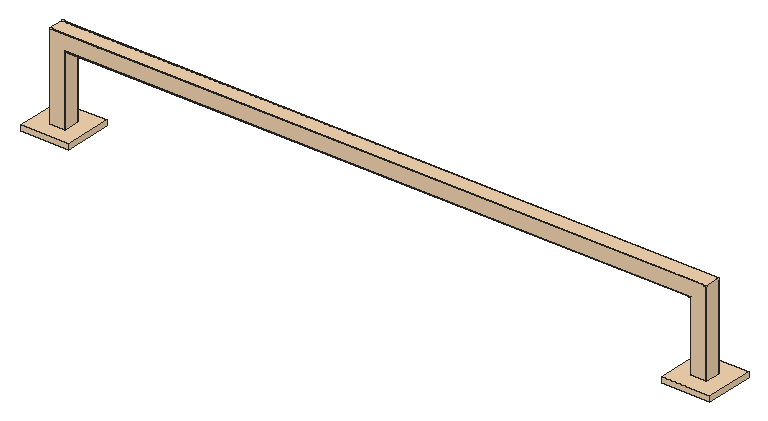
Revit family "Accessory-Towel_Bar-KALLISTA-Italy-P32743", category Specialty Equipment, host Face, Revit 2021
Family settings
  Host = Face
  Round Connector Dimension = Use Diameter
  Part Type = Normal
  OmniClass Number = 23.31.25.25
  OmniClass Title = Towel Bars
  Cut with Voids When Loaded = No
  Shared = No
  Room Calculation Point = No
Parameters (values of type "2MB-Brushed Brass")
  Width = 3.34646"  # constant formula
  WaterSense Certified = 1 = 0  # no
  URL = "https://www.kallista.com/"
  Type = 1
  Product Page URL = ""
  Product Name = "Italy"  # constant formula
  Product Documentation Link = ""
  Model = if(Type = 1, "P32743-2MB", if(Type = 2, "P32743-BGP", if(Type = 3, "P32743-BN", if(Type = 4, "P32743-CP", if(Type = 5, "P32743-PGP", if(Type = 6, "P32743-BLH", "NA"))))))  # "P32743-2MB"
  Material = "Premium Metal Construction"  # constant formula
  Master Format 2014 Name = "Toilet, Bath, and Laundry Accessories"  # constant formula
  Master Format 2014 = "10 28 00"  # constant formula
  Manufacturer Address = "444 Highland Dr, Kohler, WI 53044"  # constant formula
  Manufacturer = "kallista Co."  # constant formula
  Length = 25.3937"  # constant formula
  Height = 1.77197"  # constant formula
  Finish = Kallista-Metal-2MB- Brushed_Brass
  Environmental Product Declaration = ""
  Description = "24 Inch Towel Bar"  # constant formula
  Default Elevation = 42"
  Declare Label = ""
  Date Modified = "10/12/2024"  # constant formula
  Date Created = "10/12/2024"  # constant formula
  Copyright = "Copyright kallista Co."  # constant formula
  Contact Us = "https://www.kallista.com/corporate/contact-us/"
  Assembly Code = "C1030200"
  ADA Compliant = 1 = 0  # no
Types (7): name | Type | Model | Finish
  (no name) | 1 | "P32743-2MB" | Kallista-Metal-2MB- Brushed_Brass
  2MB-Brushed Brass | 1 | "P32743-2MB" | Kallista-Metal-2MB- Brushed_Brass
  BGP-Brushed Graphite | 2 | "P32743-BGP" | Kallista-Metal-BGP-Brushed_Graphite
  BN-Brushed Nickel | 3 | "P32743-BN" | Kallista-Metal-BN-Brushed_Nickel
  CP-Chrome | 4 | "P32743-CP" | Kallista-Metal-CP-Chrome
  PGP-Polished Graphite | 5 | "P32743-PGP" | Kallista-Metal-PGP-Polished_Graphite
  BLH-Blush Brass | 6 | "P32743-BLH" | Kallista-Metal-BLH-Blush_Brass
Reference planes (in)
  plane 1 "Center (Front/Back)": y = 0
  plane 2: z = 0
  plane 3 "Center (Left/Right)": x = 0
  plane 4: x = -12.652213
  plane 5: x = 12.7414878
  plane 6: x = -10.8805594
  plane 7: y = 0.8858268
  plane 8: x = -12.652213
  plane 9: x = 12.7414878
  plane 10: y = -0.8861417
  plane 11: z = 3.3464567
  plane 12: z = 2.7571242
  plane 13: x = 10.9698343
  plane 14: x = -11.4761387
  plane 15: x = -12.0654596
  plane 16: x = 12.1471389
  plane 17: x = 11.557818
  plane 18: z = 0.1968522
  plane 19: y = 0.2952733
  plane 20: y = -0.2952779
  plane 21: x = -11.7707991
  plane 22: x = 11.8524784
Dimensions and locks (in)
  "Length": plane 8 to plane 9
  "Width": plane 11 to level
  plane 15 to plane 14 = 0.58932"
  plane 13 to plane 9 = 1.77165"
  plane 12 to level = 2.75712"
  plane 21 to plane 22 = 23.62328"  (x2)
  "Height": plane 7 to plane 10
  plane 18 to level = 0.19685"
  plane 15 to plane 16 = 24.2126"
  plane 12 to plane 18 = 2.56027"
  plane 8 to plane 6 = 1.77165"
  plane 7 to plane 10 = 1.77197"  (x2)
  aligned and locked: plane 2 to host face
  aligned and locked: level to host face
  aligned and locked: nested 1 to plane 1 "Center (Front/Back)"
  aligned and locked: plane 3 "Center (Left/Right)" to nested 1
Automatic sketch dimensions
  host sketch curve to host sketch curve = 96"  (x2)
Nested families (in)
  nested 1: "P32743" at (0, -0.8861394, 0), type "P32743"
Definition of nested family "P32743"
  Parameters
    Material = none
    Default Elevation = 0"
  Reference planes (in)
    plane 1 "Center (Front/Back)": y = 0
    plane 2: z = 0
    plane 3 "Center (Left/Right)": x = 0
    plane 4: x = -12.652213
    plane 5: x = 12.7414878
    plane 6: x = -10.8805594
    plane 7: x = 10.9698343
    plane 8: z = 3.3464567
    plane 9: z = 2.7571242
    plane 10: y = 1.181415
    plane 11: y = 0.5908638
    plane 12: y = 1.181415
    plane 13: y = 0.5908638
    plane 14: y = 1.7719662
    plane 15: x = -12.0654596
    plane 16: x = 12.1471389
    plane 17: x = 12.1471389
    plane 18: x = -11.4761387
    plane 19: x = 11.557818
    plane 20: z = 0.1968388
    plane 21: y = 0.8861394
  Forms (in)
    Sweep 1, solid, material <- "Material", detail levels medium+fine
      path origin (0, 0, 0) x (1, 0, 0) y (0, 0, 1)
        loop
          line (-12.0654596, 0.1968388) -> (-12.0654596, 3.3464451) -> (12.1471389, 3.3464451) -> (12.1471389, 0.1968388)
      profile origin (-12.0654596, 0, 1.771642) x (-1, 0, 0) y (0, -1, 0)
        loop
          line (0, -1.1617299) -> (0, -0.6105488)
          arc (0, -0.6105488) -> (-0.0057656, -0.5966294) -> (-0.019685, -0.5908638) r 0.019685
          line (-0.019685, -0.5908638) -> (-0.5696358, -0.5908638)
          arc (-0.5696358, -0.5908638) -> (-0.5835553, -0.5966294) -> (-0.5893209, -0.6105488) r 0.019685
          line (-0.5893209, -0.6105488) -> (-0.5893209, -1.1617299)
          arc (-0.5893209, -1.1617299) -> (-0.5835553, -1.1756494) -> (-0.5696358, -1.181415) r 0.019685
          line (-0.5696358, -1.181415) -> (-0.019685, -1.181415)
          arc (-0.019685, -1.181415) -> (-0.0057656, -1.1756494) -> (0, -1.1617299) r 0.019685
    Extrusion 2, solid, material <- "Material"
      sketch origin (0, -8.1569882, 0) x (1, 0, 0) y (0, 1, 0)
        loop
          line (10.9698343, 8.1573008) -> (12.7414878, 8.1573008) -> (12.7414878, 9.9289544) -> (10.9698343, 9.9289544) -> (10.9698343, 8.1573008)
        loop
          line (-10.8805594, 9.9289544) -> (-12.652213, 9.9289544) -> (-12.652213, 8.1573008) -> (-10.8805594, 8.1573008) -> (-10.8805594, 9.9289544)
      from 0 to 0.1968388
    Sweep 3, solid, material <- "Material", detail levels coarse
      path origin (0, 0, 0) x (1, 0, 0) y (0, 0, 1)
        loop
          line (-12.0654596, 0.1968388) -> (-12.0654596, 3.3464451) -> (12.1471389, 3.3464451) -> (12.1471389, 0.1968388)
      profile origin (-12.0654596, 0, 1.771642) x (-1, 0, 0) y (0, -1, 0)
        loop
          line (0, -1.181415) -> (0, -0.5908638) -> (-0.5893209, -0.5908638) -> (-0.5893209, -1.181415) -> (0, -1.181415)
  Lines and regions (in)
    Masking region 1
      outline origin (0, 0, 0.0012187) x (1, 0, 0) y (0, 0, 1)
        loop
          line (12.1471389, 0.1956201) -> (12.1471389, 3.345238) -> (-12.0654596, 3.345238) -> (-12.0654596, 0.1956201) -> (-12.6522097, 0.1956201) -> (-12.6522097, -0.0012187) -> (-10.8805594, -0.0012187) -> (-10.8805594, 0.1956201) -> (-11.4761387, 0.1956201) -> (-11.4761387, 2.7559055) -> (11.557818, 2.7559055) -> (11.557818, 0.1956201) -> (10.9698343, 0.1956201) -> (10.9698343, -0.0012187) -> (12.7414878, -0.0012187) -> (12.7414878, 0.1956201) -> (12.1471389, 0.1956201)
    Masking region 2
      outline origin (0, 0.881982, 0) x (0, 1, 0) y (0, 0, 1)
        loop
          line (0.279589, 3.3464567) -> (-0.2714332, 3.3464567)
          arc (-0.2714332, 3.3464567) -> (-0.2853526, 3.3406911) -> (-0.2911182, 3.3267717) r 0.019685
          line (-0.2911182, 3.3267717) -> (-0.2911182, 0.1968388) -> (-0.881982, 0.1968388) -> (-0.881982, -0.0000116) -> (0.8898749, -0.0000116) -> (0.8898749, 0.1968388) -> (0.299433, 0.1968388) -> (0.299433, 3.3266127)
          arc (0.299433, 3.3266127) -> (0.2936208, 3.3406445) -> (0.279589, 3.3464567) r 0.019844
    Masking region 3
      outline origin (0, 0, 0) x (1, 0, 0) y (0, 1, 0)
        loop
          line (-10.8805594, 1.181415) -> (-10.8805594, 1.7719662) -> (-12.652213, 1.7719662) -> (-12.652213, 0.0003126) -> (-10.8805594, 0.0003126) -> (-10.8805594, 0.5908638) -> (10.9698343, 0.5908638) -> (10.9698343, 0.0003126) -> (12.7414878, 0.0003126) -> (12.7414878, 1.7719662) -> (10.9698343, 1.7719662) -> (10.9698343, 1.181415) -> (-10.8805594, 1.181415)
    symbolic lines
      curve 1: line (12.1471389, 0, 0.1968388) -> (11.557818, 0, 0.1968522)
      curve 2: line (-11.4761387, 0, 0.1968388) -> (-12.0654596, 0, 0.1968388)
    symbolic lines, detail levels medium+fine
      curve 3: line (0, 1.181415, 0.1968388) -> (0, 0.5903847, 0.1968388)
      curve 4: line (-12.0654596, 1.1617299, 0) -> (-12.0654596, 0.6105488, 0)
      curve 5: line (10.9698343, 0.5908638, 0) -> (-10.8805594, 0.5908638, 0)
      curve 6: arc (-12.0457745, 1.181415, 0) -> (-12.0596939, 1.1756494, 0) -> (-12.0654596, 1.1617299, 0) r 0.019685
      curve 7: line (-12.0457745, 1.181415, 0) -> (-10.8805594, 1.181415, 0)
      curve 8: arc (-12.0654596, 0.6105488, 0) -> (-12.0596939, 0.5966294, 0) -> (-12.0457745, 0.5908638, 0) r 0.019685
      curve 9: line (-12.0457745, 0.5908638, 0) -> (-10.8805594, 0.5908638, 0)
      curve 10: line (12.1471389, 1.1617302, 0) -> (12.1471389, 0.6105488, 0)
      curve 11: arc (12.1274538, 1.1814152, 0) -> (12.1413733, 1.1756496, 0) -> (12.1471389, 1.1617302, 0) r 0.019685
      curve 12: line (12.1274538, 1.1814152, 0) -> (10.9698343, 1.181415, 0)
      curve 13: arc (12.1471389, 0.6105488, 0) -> (12.1413733, 0.5966294, 0) -> (12.1274538, 0.5908638, 0) r 0.019685
      curve 14: line (12.1274538, 0.5908638, 0) -> (10.9698343, 0.5908638, 0)
  Dimensions and locks (in)
    plane 4 to plane 5 = 25.3937"  (x2)
    level to plane 8 = 3.34646"
    level to plane 9 = 2.75712"
    plane 7 to plane 5 = 1.77165"
    plane 6 to plane 4 = 1.77165"
    plane 6 to plane 7 = 21.85039"
    Sweep 3 to Sweep 3 = 0.59055"
    plane 1 "Center (Front/Back)" to plane 14 = 1.77197"
    plane 8 to level = 3.34646"
    Sweep 3 to level = 2.75712"
    plane 18 to plane 17 = 23.62328"
    aligned and locked: plane 2 to level
